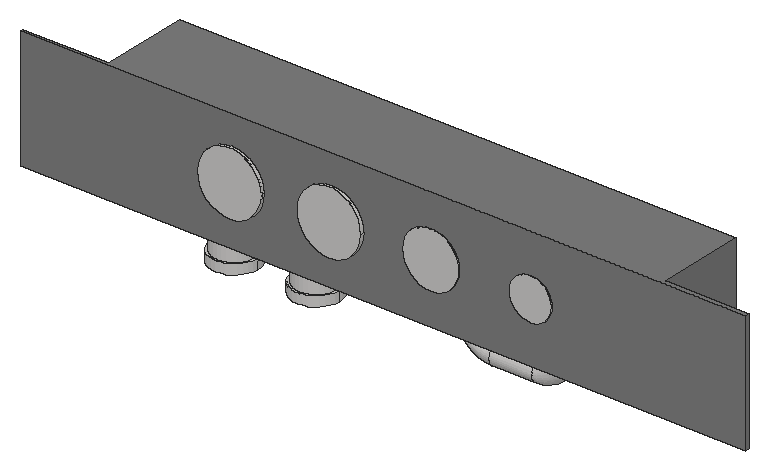
Revit family "5400NVA3", category Generic Models, Revit 2012
Parameters (values of type "Standard")
  e-mail = "info@vola.com"
  URL = "http://vola.com"
  Telephone = "+45 7023 5500"
  Quality management standard = "ISO 9001"
  Organisation no. / DUNS no. = "17531328"
  Occupational health and safety management standard = "ISO 18001"
  Mounting Instructions = "http://vola.com/service/producturl.ashx?name=5400NV"
  Model = "5400NVA3"
  Materials and components information = "http://vola.com/service/producturl.ashx?name=5400NV"
  Manufacturer = "VOLA A/S"
  Maintenance Instructions = "http://vola.com/service/producturl.ashx?name=5400NV"
  Guarantee = "2 years"
  Flow = "43,00 l/min"
  Environmental management standard = "ISO 14000"
  Connection - All relevant connections = ""
  Approvals = "http://vola.com/service/producturl.ashx?name=5400NV"
Reference planes
  plane 1 "Center (Front/Back)": y = 0
  plane 2: z = 0
  plane 3 "Center (Left/Right)": x = 0
  plane 4 "Inlet Center Plane": y = -29
  plane 5: z = 0
Forms (mm)
  Extrusion 1, solid, material "Default"
    sketch origin (10, 0, -69) x (1, 0, 0) y (0, 1, 0)
      loop
        line (-147.5, 0) -> (-147.5, -69) -> (288.5, -69) -> (288.5, 0) -> (-147.5, 0)
    from 21.5 to 116.5
  Extrusion 2, solid, material "Default"
    sketch origin (10, -1, -69) x (1, 0, 0) y (0, 1, 0)
      loop
        line (-215, -68) -> (-215, -70.5) -> (353.5, -70.5) -> (353.5, -68) -> (-215, -68)
    from 21.5 to 116.5
  Extrusion 3, solid, material "Stainless Steel"
    sketch origin (-59, -4, -47.5) x (0, 1, 0) y (1, 0, 0)
      loop
        circle (-25, -12) r 16.5
    from 0 to 29.77
  Extrusion 4, solid, material "Stainless Steel"
    sketch origin (5, -4, -47.5) x (0, 1, 0) y (1, 0, 0)
      loop
        circle (-25, -12) r 16.5
    from 0 to 29.77
  Extrusion 5, solid, material "Stainless Steel"
    sketch origin (-51.5, -71.5, -69) x (-1, 0, 0) y (0, 0, -1)
      loop
        circle (-12.5, -69) r 24.89
    from 0 to 2.5
  Extrusion 6, solid, material "Stainless Steel"
    sketch origin (26.5, -71.5, -69) x (-1, 0, 0) y (0, 0, -1)
      loop
        circle (-12.5, -69) r 24.89
    from 0 to 2.5
  Extrusion 7, solid, material "Stainless Steel"
    sketch origin (65.5, -71.5, -69) x (-1, 0, 0) y (0, 0, -1)
      loop
        circle (-51.5, -69) r 22
    from 0 to 0.26
  Extrusion 8, solid, material "Stainless Steel"
    sketch origin (-59, -4, -77.27) x (-1, 0, 0) y (0, 1, 0)
      loop
        circle (12, -25) r 18.5
    from 0 to 7.73
  Extrusion 9, solid, material "Stainless Steel"
    sketch origin (5, -4, -77.27) x (-1, 0, 0) y (0, 1, 0)
      loop
        circle (12, -25) r 18.5
    from 0 to 7.73
  Sweep 10, solid, material "Stainless Steel"
    path origin (92, -35.26, 1134.2) x (-1, 0, 0) y (0, 0, 1)
      loop
        line (-25, -1181.7) -> (-25, -1186.2)
        arc (-25, -1186.2) -> (-31.59, -1202.11) -> (-47.5, -1208.7) r 22.5
        line (-47.5, -1208.7) -> (-80.5, -1208.7)
        arc (-80.5, -1208.7) -> (-96.41, -1202.11) -> (-103, -1186.2) r 22.5
        line (-103, -1186.2) -> (-103, -1181.7)
    profile origin (117, -35.26, -49.75) x (0, 1, 0) y (-1, 0, 0)
      loop
        circle (0, 0) r 7.5
  Extrusion 11, solid, material "Stainless Steel"
    sketch origin (143.5, -71.5, -69) x (-1, 0, 0) y (0, 0, -1)
      loop
        circle (-51.5, -69) r 16.5
    from 0 to 0.26
Cuts and joins
  joined: Extrusion 1, Extrusion 2
Lines and regions (mm)
  reference lines
    curve 1: line (117, -29, 0) -> (117, -121.5, 0)
    curve 2: line (39, -29, 0) -> (39, -121.5, 0)
    curve 3: line (-39, -29, 0) -> (-39, -121.5, 0)
    curve 4: line (-71, -29, 0) -> (-71, -29, -99)
    curve 5: line (-7, -29, 0) -> (-7, -29, -99)
    curve 6: line (117, -35.26, 97.5) -> (117, -35.26, -97.5)
    curve 7: line (195, -29, 0) -> (195, -121.5, 0)
Dimensions and locks
  aligned and locked: plane 2 to level
  aligned and locked: Extrusion 1 to Extrusion 2
  aligned and locked: Extrusion 2 to Extrusion 1
